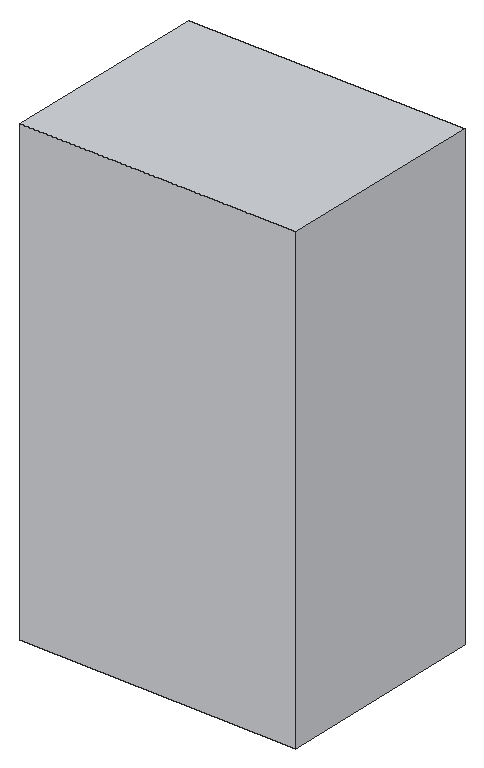
Revit family
Parameters
  Warranty Duration (Years) = 0
  Unit Length [instance] = 0' - 7 3/4"
  URL = "http://www.americanspecialties.com/viewCategories.cfm"
  Test Data = ""
  Trim Material = Metal - Stainless Steel
  Specification = "http://www.arcat.com/sdspecs/htm/10810asi.htm"
  SpecWizard = ""
  Send Message = "http://www.arcat.com/users.pl?action=UserEmail&company=American%20Specialties,%20Inc.&coid=30448&rep=139&fax=914-476-0688&mf="
  Sales Information = "http://www.americanspecialties.com/contact"
  Revision = "R1_10-2010"
  Product Properties = "http://www.americanspecialties.com/datasheets/7305.pdf"
  Product Data = "http://www.arcat.com/arcatcos/cos30/arc30448.html"
  Model = "As Specified in 10 28 13"
  Manufacturer Website = "http://www.americanspecialties.com/viewCategories.cfm"
  Manufacturer Phone - Toll Free = ""
  Manufacturer Phone = "914-476-9000 "
  Manufacturer Fax = "914-476-0688"
  Manufacturer Address = "441 Saw Mill River Rd., Yonkers, NY 10701"
  Manufacturer = "American Specialties, Inc."
  Maintenance Schedule (Months) = 0
  Keynote = "10 28 13"
  Installation-Fabrication = "http://www.americanspecialties.com/products.cfm"
  Green Building-LEED = ""
  Expected Lifespan (Years) = 0
  Body Material = Metal - Stainless Steel
  Drawn By = "Robert S. Weygant. CSI, CDT, SCIP"  # constant formula
  Description = "Toilet Accessory as Specified in 10 28 13"
  Default Elevation = 4' - 0"
  Copyright = "©Arcat Inc."
  Construction Details = "http://www.arcat.com/green/clients/leed_data_30448.html"
  Building Codes = "http://www.americanspecialties.com/products.cfm"
  Assembly Code = "C1030210"
Reference planes (in)
  plane 1 "Center (Front/Back)": y = -0.29112
  plane 2 "Floor Line": z = 0
  plane 3 "Center (Left/Right)": x = -0.65843
  plane 4: x = -3.53343
  plane 5: x = 2.21657
  plane 6: z = 0.4375
  plane 7: x = -4.53343
  plane 8: x = 3.21657
  plane 9: z = 3.875
  plane 10: z = 3.25
  plane 11: x = -2.53343
  plane 12: x = 1.21657
Forms (in)
  Extrusion 1, solid
    sketch origin (-3, -9, -6) x (0, 0, -1) y (1, 0, 0)
      loop
        line (-82, 26) -> (-82, -19.34712) -> (-6, -19.34712) -> (-6, 26) -> (-82, 26)
    from 9 to -25.60721
  Extrusion 2, solid, material "Metal - Stainless Steel" <- "Body Material"
    sketch origin (4.0073, 1.98146, 0) x (1, 0, 0) y (0, 1, 0)
      loop
        arc (-8.41573, -1.27258) -> (-8.50412, -1.30919) -> (-8.54073, -1.39758) r 0.125
        line (-8.54073, -1.39758) -> (-8.54073, -3.14758)
        arc (-8.54073, -3.14758) -> (-8.50412, -3.23597) -> (-8.41573, -3.27258) r 0.125
        line (-8.41573, -3.27258) -> (-6.66573, -3.27258)
        arc (-6.66573, -3.27258) -> (-6.57734, -3.23597) -> (-6.54073, -3.14758) r 0.125
        line (-6.54073, -3.14758) -> (-6.54073, -1.39758)
        arc (-6.54073, -1.39758) -> (-6.57734, -1.30919) -> (-6.66573, -1.27258) r 0.125
        line (-6.66573, -1.27258) -> (-8.41573, -1.27258)
    from 0 to 0.4375
  Extrusion 3, solid, material "Metal - Stainless Steel" <- "Body Material"
    sketch origin (-5.32416, 1.98146, 0) x (-1, 0, 0) y (0, -1, 0)
      loop
        line (-8.41573, 1.27258) -> (-6.66573, 1.27258)
        arc (-6.66573, 1.27258) -> (-6.57734, 1.30919) -> (-6.54073, 1.39758) r 0.125
        line (-6.54073, 1.39758) -> (-6.54073, 3.14758)
        arc (-6.54073, 3.14758) -> (-6.57734, 3.23597) -> (-6.66573, 3.27258) r 0.125
        line (-6.66573, 3.27258) -> (-8.41573, 3.27258)
        arc (-8.41573, 3.27258) -> (-8.50412, 3.23597) -> (-8.54073, 3.14758) r 0.125
        line (-8.54073, 3.14758) -> (-8.54073, 1.39758)
        arc (-8.54073, 1.39758) -> (-8.50412, 1.30919) -> (-8.41573, 1.27258) r 0.125
    from 0 to 0.4375
  Extrusion 4, solid, material "Metal - Stainless Steel" <- "Body Material"
    sketch origin (0, 0, 0) x (1, 0, 0) y (0, 1, 0)
      loop
        line (-3.78343, 0.20888) -> (-3.78343, -0.79112) -> (-3.28343, -0.79112) -> (-3.28343, 0.20888) -> (-3.78343, 0.20888)
    from 0.4375 to 3.875
  Extrusion 5, solid, material "Metal - Stainless Steel" <- "Body Material"
    sketch origin (-1.31687, 0, 0) x (-1, 0, 0) y (0, -1, 0)
      loop
        line (-3.78343, -0.20888) -> (-3.28343, -0.20888) -> (-3.28343, 0.79112) -> (-3.78343, 0.79112) -> (-3.78343, -0.20888)
    from 0.4375 to 3.875
  Revolve 6, solid, material "Metal - Stainless Steel" <- "Body Material"
    sketch origin (0, -0.29112, 0) x (1, 0, 0) y (0, 0, 1)
      loop
        line (2.21657, 3.25) -> (2.21657, 3.625) -> (1.85877, 3.625) -> (1.85877, 3.6875) -> (-0.65843, 3.6875) -> (-0.65843, 3.75) -> (-3.17564, 3.75) -> (-3.17564, 3.625) -> (-3.53343, 3.625) -> (-3.53343, 3.25) -> (2.21657, 3.25)
      axis (-3.53343, 3.25) -> (2.21657, 3.25)
    angle from 0 to 360
Dimensions and locks (in)
  equal spacing: plane 8, plane 3 "Center (Left/Right)", plane 7
  "Unit Length": plane 8 to plane 7
  locked: plane 4 to plane 7 at 1
  locked: plane 5 to plane 8 at 1
  aligned and locked: plane 6 to Extrusion 2
  aligned and locked: plane 6 to Extrusion 3
  aligned and locked: Extrusion 5 to plane 6
  aligned and locked: Extrusion 4 to plane 6
  aligned and locked: Extrusion 2 to plane 7
  aligned and locked: Extrusion 3 to plane 8
  aligned and locked: plane 9 to Extrusion 4
  aligned and locked: plane 9 to Extrusion 5
  aligned and locked: Revolve 6 sketch curve to Revolve 6 sketch curve
Automatic sketch dimensions
  Extrusion 1 sketch curve to Extrusion 1 sketch curve = 6' - 4"
  Extrusion 1 sketch curve to Extrusion 1 sketch curve = 3' - 9.34712"
  Extrusion 2 sketch curve to plane 7 = 0' - 0"
  plane 7 to Extrusion 2 sketch curve = 0' - 0 1/8"  (x2)
  plane 4 to Extrusion 2 sketch curve = 0' - 0 7/8"  (x2)
  Extrusion 2 sketch curve to Extrusion 2 sketch curve = 0' - 0 1/8"
  plane 1 "Center (Front/Back)" to Extrusion 2 sketch curve = 0' - 1"
  Extrusion 2 sketch curve to plane 1 "Center (Front/Back)" = 0' - 0 7/8"
  Extrusion 3 sketch curve to plane 8 = 0' - 0"
  Extrusion 3 sketch curve to plane 8 = 0' - 0 1/8"  (x2)
  plane 5 to Extrusion 3 sketch curve = 0' - 0 7/8"  (x2)
  Extrusion 3 sketch curve to Extrusion 3 sketch curve = 0' - 0 1/8"
  Extrusion 3 sketch curve to plane 1 "Center (Front/Back)" = 0' - 1"
  plane 1 "Center (Front/Back)" to Extrusion 3 sketch curve = 0' - 0 7/8"
  Extrusion 4 sketch curve to plane 4 = 0' - 0 1/4"
  plane 4 to Extrusion 4 sketch curve = 0' - 0 1/4"
  plane 1 "Center (Front/Back)" to Extrusion 4 sketch curve = 0' - 0 1/2"
  Extrusion 4 sketch curve to plane 1 "Center (Front/Back)" = 0' - 0 1/2"
  Extrusion 5 sketch curve to plane 5 = 0' - 0 1/4"
  plane 5 to Extrusion 5 sketch curve = 0' - 0 1/4"
  Extrusion 5 sketch curve to plane 1 "Center (Front/Back)" = 0' - 0 1/2"
  plane 1 "Center (Front/Back)" to Extrusion 5 sketch curve = 0' - 0 1/2"
  Revolve 6 sketch curve to plane 4 = 0' - 0"  (x2)
  Revolve 6 sketch curve to plane 3 "Center (Left/Right)" = 0' - 0"
  Revolve 6 sketch curve to plane 5 = 0' - 0"  (x2)
  Revolve 6 sketch curve to plane 10 = 0' - 0"
  Revolve 6 sketch curve to Revolve 6 sketch curve = 0' - 0.35779"
  Revolve 6 sketch curve to plane 5 = 0' - 0.35779"
  Revolve 6 sketch curve to plane 9 = 0' - 0 1/4"
  Revolve 6 sketch curve to Revolve 6 sketch curve = 0' - 0 1/16"  (x2)
  Revolve 6 sketch curve to Revolve 6 sketch curve = 0' - 0 1/8"
